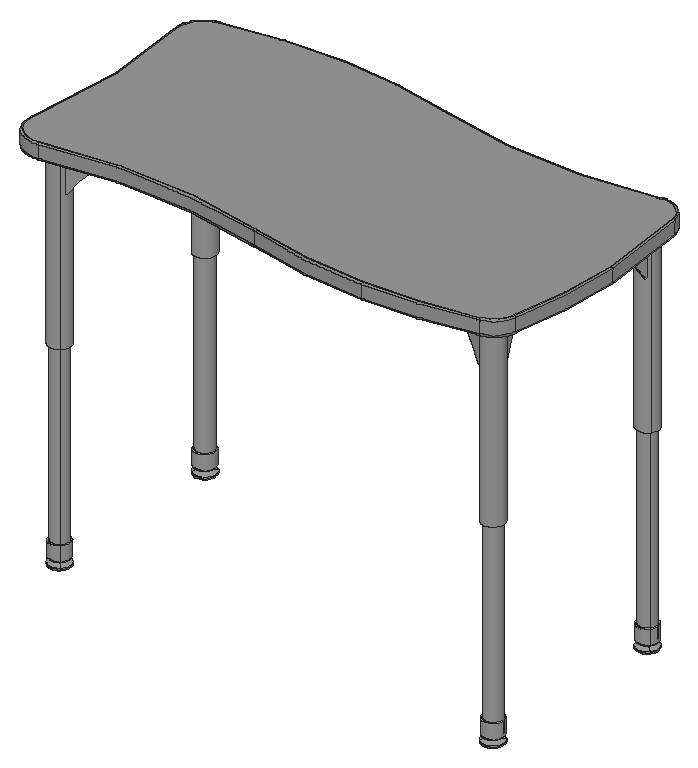
Revit family "Hierarchy Creator ADA Rectangle Desk", category Furniture, Revit 2018
Family settings
  Work Plane-Based = No
  Always vertical = Yes
  Cut with Voids When Loaded = No
  Shared = No
  Room Calculation Point = No
Parameters
  Surface = Hierarchy Creator ADA Rectangle Desk Surface
  Leg Finish = Hierarchy Leg Platinum
  Edgeband = Hierarchy Creator ADA Rectangle Desk Edgeband
  Desk Height = 2' - 6"
  Caster/Glide = Hierarchy Leg - Glide : Hierarchy Leg - Glide
Reference planes (in)
  plane 1 "Center (Front/Back)": y = 0
  plane 2: z = 0
  plane 3 "Center (Left/Right)": x = 0
  plane 4: z = 30
Dimensions and locks (in)
  "Desk Height": plane 4 to level
  aligned and locked: plane 2 to level
  aligned and locked: nested 1 to plane 4
Nested families (in)
  nested 1: "Creator Rectangle ADA Desk Tabletop" at (0.03125, 0, 16.97788), type "Creator Rectangle ADA Desk Tabletop"
  nested 2: "Hierarchy Leg - Glide" at (-18.08345, 6.98092, 0) x (0.7059, 0.7084, 0) z (0, 0, 1), type <- "Caster/Glide", Leg Finish <- "Leg Finish", Leg Height <- "Desk Height", type "Hierarchy Leg - Glide"
    with Leg Height 2' - 6", Leg Finish Hierarchy Leg Platinum
  nested 3: "Hierarchy Leg - Glide" at (-17.92546, -7.74624, 0) x (-0.707, 0.7072, 0) z (0, 0, 1), type <- "Caster/Glide", Leg Finish <- "Leg Finish", Leg Height <- "Desk Height", type "Hierarchy Leg - Glide"
    with Leg Height 2' - 6", Leg Finish Hierarchy Leg Platinum
  nested 4: "Hierarchy Leg - Glide" at (17.37191, -8.53046, 0) x (-0.7259, -0.6878, 0) z (0, 0, 1), Leg Finish <- "Leg Finish", Leg Height <- "Desk Height", type "Hierarchy Leg - Glide"
    with Leg Height 2' - 6", Leg Finish Hierarchy Leg Platinum
  nested 5: "Hierarchy Leg - Glide" at (17.40103, 6.8839, 0) x (0.8147, -0.5799, 0) z (0, 0, 1), Leg Finish <- "Leg Finish", Leg Height <- "Desk Height", type "Hierarchy Leg - Glide"
    with Leg Height 2' - 6", Leg Finish Hierarchy Leg Platinum
Definition of nested family "Creator Rectangle ADA Desk Tabletop"
  Parameters (values of type "Creator Rectangle ADA Desk Tabletop")
    Surface = none
    Edgeband = none
  Reference planes (in)
    plane 1 "Center (Front/Back)": y = 0
    plane 2: z = 0
    plane 3 "Center (Left/Right)": x = 0
  Forms (in)
    Extrusion 1, solid, material <- "Surface"
      sketch origin (0, 0, 0) x (1, 0, 0) y (0, 1, 0)
        loop
          arc (-20.21877, 6.62442) -> (-19.76026, 3.32508) -> (-19.56107, 0) r 42.58061
          arc (-19.56107, 0) -> (-19.67481, -3.82649) -> (-20.17322, -7.62208) r 37.97456
          arc (-20.17322, -7.62208) -> (-19.59874, -9.41646) -> (-17.78764, -9.93584) r 1.99857
          arc (-17.78764, -9.93584) -> (-9.07659, -9.06953) -> (-0.39168, -10.16738) r 39.01204
          arc (-0.39168, -10.16738) -> (4.32999, -10.99971) -> (9.11914, -11.2255) r 37.66552
          arc (9.11914, -11.2255) -> (13.40696, -10.92755) -> (17.6395, -10.17933) r 40.72324
          arc (17.6395, -10.17933) -> (18.60957, -9.63291) -> (19.13099, -8.64919) r 1.97856
          arc (19.13099, -8.64919) -> (19.77583, -4.34671) -> (19.95819, 0) r 40.73992
          arc (19.95819, 0) -> (19.74333, 3.59905) -> (19.18352, 7.16078) r 37.46464
          arc (19.18352, 7.16078) -> (18.31681, 8.43244) -> (16.80389, 8.71423) r 2.00343
          arc (16.80389, 8.71423) -> (8.11369, 7.85296) -> (-0.5523, 8.93103) r 39.3204
          arc (-0.5523, 8.93103) -> (-4.95722, 9.72056) -> (-9.42376, 9.99774) r 38.80876
          arc (-9.42376, 9.99774) -> (-14.10154, 9.74179) -> (-18.71673, 8.93735) r 39.75645
          arc (-18.71673, 8.93735) -> (-19.93188, 8.0823) -> (-20.21877, 6.62442) r 1.99462
      from 13.02212 to 14.27206
    Sweep 2, solid, material <- "Edgeband"
      path origin (0, 0, 0) x (1, 0, 0) y (0, 1, 0)
        loop
          arc (-0.5523, 8.93103) -> (-4.95722, 9.72056) -> (-9.42376, 9.99774) r 38.80876
          arc (-9.42376, 9.99774) -> (-14.10154, 9.74179) -> (-18.71673, 8.93735) r 39.75645
          arc (-18.71673, 8.93735) -> (-19.93188, 8.0823) -> (-20.21877, 6.62442) r 1.99462
          arc (-20.21877, 6.62442) -> (-19.76026, 3.32508) -> (-19.56107, 0) r 42.58061
          arc (-19.56107, 0) -> (-19.67481, -3.82649) -> (-20.17322, -7.62208) r 37.97456
          arc (-20.17322, -7.62208) -> (-19.59874, -9.41646) -> (-17.78764, -9.93584) r 1.99857
          arc (-17.78764, -9.93584) -> (-9.07659, -9.06953) -> (-0.39168, -10.16738) r 39.01204
          arc (-0.39168, -10.16738) -> (4.32999, -10.99971) -> (9.11914, -11.2255) r 37.66552
          arc (9.11914, -11.2255) -> (13.40696, -10.92755) -> (17.6395, -10.17933) r 40.72324
          arc (17.6395, -10.17933) -> (18.60957, -9.63291) -> (19.13099, -8.64919) r 1.97856
          arc (19.13099, -8.64919) -> (19.77583, -4.34671) -> (19.95819, 0) r 40.73992
          arc (19.95819, 0) -> (19.74333, 3.59905) -> (19.18352, 7.16078) r 37.46464
          arc (19.18352, 7.16078) -> (18.31681, 8.43244) -> (16.80389, 8.71423) r 2.00343
          arc (16.80389, 8.71423) -> (8.11369, 7.85296) -> (-0.5523, 8.93103) r 39.3204
      profile origin (-4.95722, 9.72056, 0) x (-0.119381, -0.992849, 0) y (0, 0, 1)
        loop
          line (0, 13.02218) -> (0, 14.27206)
          arc (0, 14.27206) -> (-0.08841, 14.23311) -> (-0.12472, 14.14358) r 0.12854
          line (-0.12472, 14.14358) -> (-0.12472, 13.15066)
          arc (-0.12472, 13.15066) -> (-0.08841, 13.06113) -> (0, 13.02218) r 0.12854
  Dimensions and locks (in)
    aligned and locked: plane 2 to level
Definition of nested family "Hierarchy Leg - Glide"
  Parameters (values of type "Hierarchy Leg - Glide")
    Leg Finish [instance] = none
    Leg Height [instance] = 2' - 5"
  Reference planes (in)
    plane 1 "Center (Front/Back)": y = 0
    plane 2: z = 0
    plane 3 "Center (Left/Right)": x = 0
  Forms (in)
    Extrusion 1, solid
      sketch origin (-0.01562, 0, 0) x (1, 0, 0) y (0, 1, 0)
        loop
          circle (0.01563, 0) r 0.67016
      from 0.67618 to 16.17618
    Revolve 2, solid
      sketch origin (0, 0, 0) x (1, 0, 0) y (0, 0, 1)
        loop
          line (-0.73189, 1.80118) -> (-0.79439, 1.73867) -> (-0.79439, 0.61381) -> (-0.73176, 0.55118) -> (-0.125, 0.55118) -> (-0.125, 0.42618) -> (-0.84656, 0.16241) -> (-0.84656, 0.08994) -> (-0.81359, 0) -> (0, 0) -> (0, 1.80118) -> (-0.73189, 1.80118)
        axis (0, 1.80118) -> (0, 0)
      angle from 0 to 360
  Dimensions and locks (in)
    "Leg Height": nested 1 to level
    aligned and locked: plane 2 to level
  Automatic sketch dimensions
    plane 1 "Center (Front/Back)" to Extrusion 1 sketch curve = 0' - 0"
    Extrusion 1 sketch curve to plane 3 "Center (Left/Right)" = 0' - 0"
    Revolve 2 sketch curve to level = 0' - 0"
    Revolve 2 sketch curve to plane 3 "Center (Left/Right)" = 0' - 0"  (x2)
    Revolve 2 sketch curve to plane 3 "Center (Left/Right)" = 0' - 0 1/8"
    Revolve 2 sketch curve to Revolve 2 sketch curve = 0' - 0.60676"
    Revolve 2 sketch curve to Revolve 2 sketch curve = 0' - 0.73189"
    Revolve 2 sketch curve to Revolve 2 sketch curve = 0' - 0.06263"  (x2)
    Revolve 2 sketch curve to Revolve 2 sketch curve = 0' - 0.08183"
    Revolve 2 sketch curve to Revolve 2 sketch curve = 0' - 0.03297"
    level to Revolve 2 sketch curve = 0' - 0.08994"
    Revolve 2 sketch curve to Revolve 2 sketch curve = 0' - 0.07247"
    level to Revolve 2 sketch curve = 0' - 0.42618"
    Revolve 2 sketch curve to Revolve 2 sketch curve = 0' - 0 1/8"
    Revolve 2 sketch curve to Revolve 2 sketch curve = 0' - 1.12486"
    Revolve 2 sketch curve to Revolve 2 sketch curve = 0' - 0 1/16"
    Revolve 2 sketch curve to level = 2' - 0"
    Revolve 2 sketch curve to Revolve 2 sketch curve = 8' - 4.91764"
    radius of Extrusion 1 sketch curve = 0' - 0.67016"
  Nested families (in)
    nested 1: "Hierarchy Upper Leg 2023" at (0, 0, 1.19783), Shapes Leg Finish <- "Leg Finish", type "Hierarchy Upper Leg 2023"
      with Shapes Leg Finish none
  Definition of nested family "Hierarchy Upper Leg 2023"
    Parameters (values of type "Hierarchy Upper Leg 2023")
      Shapes Leg Finish [instance] = none
    Reference planes (in)
      plane 1 "Center (Front/Back)": y = 0
      plane 2: z = 0
      plane 3 "Center (Left/Right)": x = 0
    Forms (in)
      Extrusion 1, solid, material <- "Shapes Leg Finish"
        sketch origin (0, 0, 0) x (1, 0, 0) y (0, 1, 0)
          loop
            circle (0, 0) r 0.84802
        from 13.67618 to 27.67618
      Extrusion 2, solid, material <- "Shapes Leg Finish"
        sketch origin (0, 0, 0) x (1, 0, 0) y (0, 1, 0)
          loop
            line (-1.70174, 0.19183) -> (-2.88626, -2.26116)
            arc (-2.88626, -2.26116) -> (-2.83993, -3.09822) -> (-2.1063, -3.50394) r 0.86614
            line (-2.1063, -3.50394) -> (2.1063, -3.50394)
            arc (2.1063, -3.50394) -> (2.83993, -3.09822) -> (2.88626, -2.26116) r 0.86614
            line (2.88626, -2.26116) -> (1.70174, 0.19183)
            arc (1.70174, 0.19183) -> (0, 1.25984) -> (-1.70174, 0.19183) r 1.88976
        from 27.67618 to 27.80217
      Extrusion 3, solid, material <- "Shapes Leg Finish"
        sketch origin (-1.48519, 8.66524, 0) x (-0.434844, 0.900506, 0) y (0, 0, 1)
          loop
            line (-9.01425, 27.67618) -> (-11.80952, 27.67618)
            arc (-11.80952, 27.67618) -> (-11.92325, 27.58993) -> (-11.87088, 27.45715) r 0.11811
            arc (-11.87088, 27.45715) -> (-10.39364, 26.29679) -> (-9.23328, 24.81955) r 7.87402
            arc (-9.23328, 24.81955) -> (-9.1005, 24.76717) -> (-9.01425, 24.88091) r 0.11811
            line (-9.01425, 24.88091) -> (-9.01425, 27.67618)
        from -1.94075 to -1.81476
      Extrusion 4, solid, material <- "Shapes Leg Finish"
        sketch origin (1.48519, 8.66524, 0) x (0.434844, 0.900506, 0) y (0, 0, -1)
          loop
            line (-9.01425, -27.67618) -> (-9.01425, -24.88091)
            arc (-9.01425, -24.88091) -> (-9.1005, -24.76717) -> (-9.23328, -24.81955) r 0.11811
            arc (-9.23328, -24.81955) -> (-10.39364, -26.29679) -> (-11.87088, -27.45715) r 7.87402
            arc (-11.87088, -27.45715) -> (-11.92325, -27.58993) -> (-11.80952, -27.67618) r 0.11811
            line (-11.80952, -27.67618) -> (-9.01425, -27.67618)
        from -1.94075 to -1.81476
    Dimensions and locks (in)
      aligned and locked: plane 2 to level
